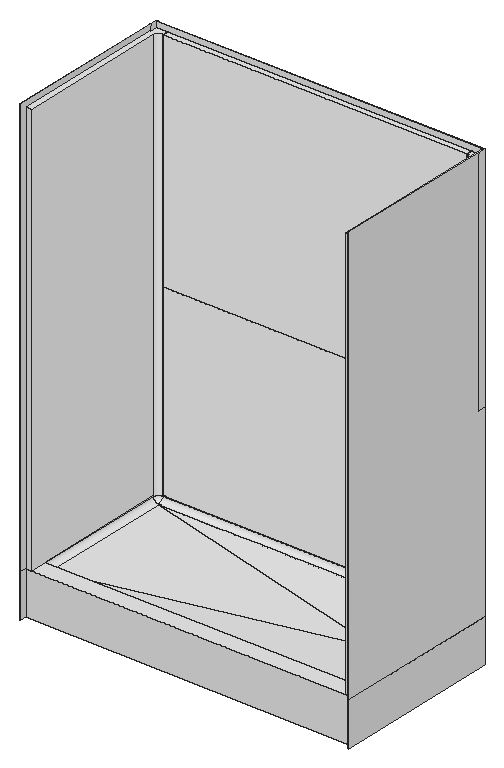
Revit family "5LRS6030FBAFR", category Plumbing Fixtures, Revit 2017
Family settings
  Round Connector Dimension = Use Diameter
  Part Type = Normal
  OmniClass Number = 23.45.05.14.17
  OmniClass Title = Showers
  Work Plane-Based = No
  Always vertical = Yes
  Cut with Voids When Loaded = No
  Shared = No
  Room Calculation Point = No
Parameters (values of type "5LRS6030FBAFR")
  Unit Width = 60"
  Unit Height = 84 1/2"
  Unit Depth = 30"
  URL = "http://www.bestbath.com/"
  Type Comments = "Remodeler"
  Model = "5LRS6030FBAFR"
  Material [instance] = Best Bath Gelcoat Fiberglass -  RealTile
  Manufacturer = "Best Bath Systems, Inc."
  Keynote = "22 40 00.B3"
  Description = "Real Tile Finish"
  Assembly Code = "D2010710"
Reference planes (in)
  plane 1 "Back": y = -0.5
  plane 2: z = 0
  plane 3 "Left": x = 0
  plane 4: x = 60
  plane 5: y = -30.5
  plane 6: z = 83.5
  plane 7: z = 6.25
  plane 8: z = 84.5
  plane 9: x = 51.5
  plane 10: y = -1.75
  plane 11: y = -14.5
  plane 12: z = 6
  plane 13: z = 8
  plane 14: z = 42.25
  plane 15: y = -31.5
  plane 16: z = 7
Forms (in)
  Extrusion 1, solid, material "Best Bath Gelcoat Fiberglass - Smooth"
    sketch origin (0, 0, 0) x (1, 0, 0) y (0, 1, 0)
      loop
        line (0, -0.5) -> (0, -30.5) -> (60, -30.5) -> (60, -0.5) -> (0, -0.5)
      loop
        circle (51.5, -14.5) r 1.5
    from 7 to 0
  Extrusion 2, solid, material "Best Bath Gelcoat Fiberglass - Smooth"
    sketch origin (0, 0, 0) x (1, 0, 0) y (0, 1, 0)
      loop
        line (2.25, -0.5) -> (2.25, -1.75) -> (57.75, -1.75) -> (57.75, -0.5) -> (2.25, -0.5)
    from 8 to 42.25
  Extrusion 3, solid, material "Best Bath Gelcoat Fiberglass - Smooth"
    sketch origin (0, 0, 0) x (1, 0, 0) y (0, 1, 0)
      loop
        line (0, -30.5) -> (1.25, -30.5) -> (1.25, -2.75)
        arc (1.25, -2.75) -> (1.54289, -2.04289) -> (2.25, -1.75) r 1
        line (2.25, -1.75) -> (57.75, -1.75)
        arc (57.75, -1.75) -> (58.45711, -2.04289) -> (58.75, -2.75) r 1
        line (58.75, -2.75) -> (58.75, -30.5) -> (60, -30.5) -> (60, -0.5) -> (0, -0.5) -> (0, -30.5)
    from 0 to 8
  Extrusion 4, solid, material "Best Bath Gelcoat Fiberglass - Smooth"
    sketch origin (0, 0, 0) x (1, 0, 0) y (0, 1, 0)
      loop
        line (0, -30.5) -> (1.25, -30.5) -> (1.25, -2.75)
        arc (1.25, -2.75) -> (1.54289, -2.04289) -> (2.25, -1.75) r 1
        line (2.25, -1.75) -> (2.25, -0.5) -> (0, -0.5) -> (0, -30.5)
      loop
        line (58.75, -30.5) -> (60, -30.5) -> (60, -0.5) -> (57.75, -0.5) -> (57.75, -1.75)
        arc (57.75, -1.75) -> (58.45711, -2.04289) -> (58.75, -2.75) r 1
        line (58.75, -2.75) -> (58.75, -30.5)
    from 8 to 83.5
  Blend 5, void
    base sketch origin (0, 0, 0) x (1, 0, 0) y (0, 1, 0)
      loop
        line (2.25, -27.5) -> (57.75, -27.5) -> (57.75, -2.75) -> (2.25, -2.75) -> (2.25, -27.5)
    top sketch origin (0, 0, 0) x (1, 0, 0) y (0, 1, 0)
      loop
        circle (51.5, -14.5) r 0.07155
    from 7 to 6
  Extrusion 6, solid, material "Best Bath Gelcoat Fiberglass - Smooth"
    sketch origin (0, 0, 0) x (1, 0, 0) y (0, 1, 0)
      loop
        line (2.25, -0.5) -> (2.25, -1.75) -> (57.75, -1.75) -> (57.75, -0.5) -> (2.25, -0.5)
    from 42.25 to 83.5
  Sweep 7, solid, material "Best Bath Gelcoat Fiberglass - Smooth"
    path origin (0, 0, 0) x (1, 0, 0) y (0, 1, 0)
      loop
        line (1.25, -30.5) -> (58.75, -30.5)
    profile origin (30, -30.5, 0) x (0, 1, 0) y (0, 0, 1)
      loop
        line (0, 0) -> (4.58515, 0) -> (2.98515, 8) -> (0, 8) -> (0, 0)
  Extrusion 8, solid, material "Best Bath Gelcoat Fiberglass - Smooth"
    sketch origin (0, 0, 0) x (1, 0, 0) y (0, 1, 0)
      loop
        line (0, -30.5) -> (0, -31.5) -> (0.125, -31.5) -> (0.125, -30.5) -> (0, -30.5)
      loop
        line (60, -30.5) -> (59.875, -30.5) -> (59.875, -31.5) -> (60, -31.5) -> (60, -30.5)
    from 0 to 8
  Extrusion 9, solid, material "Best Bath Gelcoat Fiberglass - Smooth"
    sketch origin (0, 0, 0) x (1, 0, 0) y (0, 1, 0)
      loop
        line (0, -0.5) -> (0, -1.75) -> (0.125, -1.75) -> (0.125, -0.625) -> (59.875, -0.625) -> (59.875, -1.75) -> (60, -1.75) -> (60, -0.5) -> (0, -0.5)
    from 42.25 to 84.5
  Extrusion 10, solid, material "Best Bath Gelcoat Fiberglass - Smooth"
    sketch origin (0, 0, 0) x (1, 0, 0) y (0, 1, 0)
      loop
        line (0, -31.5) -> (0.125, -31.5) -> (0.125, -1.75) -> (0, -1.75) -> (0, -31.5)
      loop
        line (60, -31.5) -> (60, -1.75) -> (59.875, -1.75) -> (59.875, -31.5) -> (60, -31.5)
    from 8 to 84.5
  Sweep 11, solid, material "Best Bath Gelcoat Fiberglass - Smooth"
    path origin (0, 0, 0) x (1, 0, 0) y (0, 1, 0)
      loop
        line (1.25, -28.95) -> (1.25, -2.75)
        arc (1.25, -2.75) -> (1.54289, -2.04289) -> (2.25, -1.75) r 1
        line (2.25, -1.75) -> (57.75, -1.75)
        arc (57.75, -1.75) -> (58.45711, -2.04289) -> (58.75, -2.75) r 1
        line (58.75, -2.75) -> (58.75, -28.95)
    profile origin (30, -1.75, 0) x (0, 1, 0) y (0, 0, 1)
      loop
        line (0, 7) -> (0, 7.98)
        arc (0, 7.98) -> (-0.28704, 7.28704) -> (-0.98, 7) r 0.98
        line (-0.98, 7) -> (0, 7)
Cuts and joins
  Blend 5 cuts Extrusion 1
  Blend 5 cuts Extrusion 3
  joined: Extrusion 1, Extrusion 3, Sweep 7, Extrusion 8, Sweep 11
  joined: Extrusion 6, Extrusion 9
  joined: Extrusion 4, Extrusion 10
Dimensions and locks (in)
  "Unit Width": plane 3 "Left" to plane 4
  locked: plane 8 to plane 6 at 1
  "Unit Height": plane 8 to level
  plane 3 "Left" to plane 9 to plane 4 = 51 1/2", 8 1/2"
  plane 1 "Back" to plane 11 = 14"
  plane 10 to plane 1 "Back" = 1 1/4"
  plane 14 to plane 13 = 34 1/4"
  plane 13 to level = 8"
  locked: plane 5 to plane 15 at 1
  plane 13 to plane 16 = 1"
  plane 16 to plane 7 = 3/4"
  plane 16 to plane 12 = 1"
  "Unit Depth": plane 5 to plane 1 "Back"
  aligned and locked: level to plane 2
  aligned and locked: plane 5 to Extrusion 1 sketch curve
  aligned and locked: plane 4 to Extrusion 1 sketch curve
  aligned and locked: Extrusion 2 sketch curve to Extrusion 1
  aligned and locked: Extrusion 2 sketch curve to plane 10
  aligned and locked: plane 11 to Extrusion 1 sketch curve
  aligned and locked: plane 9 to Extrusion 1 sketch curve
  aligned and locked: plane 6 to Extrusion 4
  aligned and locked: plane 11 to Blend 5 sketch curve
  aligned and locked: plane 9 to Blend 5 sketch curve
  aligned and locked: plane 14 to Extrusion 2
  aligned and locked: Extrusion 6 to Extrusion 2
  aligned and locked: plane 6 to Extrusion 6
  aligned and locked: plane 8 to Extrusion 9
  aligned and locked: plane 8 to Extrusion 10
  aligned and locked: Extrusion 1 to level
  aligned and locked: plane 16 to Extrusion 1
  aligned and locked: Extrusion 1 to Blend 5
  aligned and locked: Sweep 11 sketch curve to plane 10
  aligned and locked: plane 16 to Sweep 11 sketch curve
  aligned and locked: Extrusion 9 to Extrusion 2
  aligned and locked: Extrusion 2 to plane 13
  aligned and locked: Extrusion 4 to Extrusion 2
  aligned and locked: Blend 5 to plane 12
Automatic sketch dimensions
  Extrusion 1 sketch curve to plane 3 "Left" = 0"
  plane 1 "Back" to Extrusion 1 sketch curve = 0"
  plane 3 "Left" to Extrusion 2 sketch curve = 2 1/4"
  plane 4 to Extrusion 2 sketch curve = 2 1/4"
  Extrusion 3 sketch curve to plane 3 "Left" = 0"
  Extrusion 3 sketch curve to plane 5 = 0"  (x2)
  Extrusion 3 sketch curve to plane 10 = 0"
  plane 1 "Back" to Extrusion 3 sketch curve = 0"
  Extrusion 3 sketch curve to plane 4 = 0"
  plane 3 "Left" to Extrusion 3 sketch curve = 1 1/4"
  Extrusion 3 sketch curve to plane 10 = 1"
  plane 4 to Extrusion 3 sketch curve = 2 1/4"
  plane 4 to Extrusion 3 sketch curve = 1 1/4"
  Extrusion 4 sketch curve to plane 3 "Left" = 0"
  Extrusion 4 sketch curve to plane 5 = 0"  (x2)
  plane 1 "Back" to Extrusion 4 sketch curve = 0"  (x2)
  Extrusion 4 sketch curve to plane 10 = 0"  (x2)
  Extrusion 4 sketch curve to plane 4 = 0"
  plane 3 "Left" to Extrusion 4 sketch curve = 1 1/4"
  Extrusion 4 sketch curve to Extrusion 4 sketch curve = 1"
  Extrusion 4 sketch curve to plane 10 = 1"
  plane 4 to Extrusion 4 sketch curve = 2 1/4"
  Blend 5 sketch curve to plane 10 = 1"
  plane 3 "Left" to Blend 5 sketch curve = 2 1/4"
  plane 4 to Blend 5 sketch curve = 2 1/4"
  plane 5 to Blend 5 sketch curve = 3"
  plane 1 "Back" to Extrusion 6 sketch curve = 0"
  Extrusion 6 sketch curve to plane 10 = 0"
  plane 3 "Left" to Extrusion 6 sketch curve = 2 1/4"
  plane 4 to Extrusion 6 sketch curve = 2 1/4"
  Sweep 7 sketch curve to plane 5 = 0"
  plane 3 "Left" to Sweep 7 sketch curve = 1 1/4"
  plane 4 to Sweep 7 sketch curve = 1 1/4"
  Sweep 7 sketch curve to profile plane = 0"  (x2)
  Sweep 7 sketch curve to profile plane = 2.98515"
  Sweep 7 sketch curve to profile plane = 4.58515"
  profile plane to Sweep 7 sketch curve = 8"
  Extrusion 8 sketch curve to plane 3 "Left" = 0"
  Extrusion 8 sketch curve to plane 15 = 0"  (x2)
  Extrusion 8 sketch curve to plane 5 = 0"  (x2)
  Extrusion 8 sketch curve to plane 4 = 0"
  plane 3 "Left" to Extrusion 8 sketch curve = 1/8"
  Extrusion 8 sketch curve to Extrusion 8 sketch curve = 1/8"
  plane 1 "Back" to Extrusion 9 sketch curve = 0"
  Extrusion 9 sketch curve to plane 3 "Left" = 0"
  Extrusion 9 sketch curve to plane 10 = 0"  (x2)
  Extrusion 9 sketch curve to plane 4 = 0"
  Extrusion 9 sketch curve to Extrusion 9 sketch curve = 1/8"
  plane 4 to Extrusion 9 sketch curve = 1/8"
  plane 1 "Back" to Extrusion 9 sketch curve = 1/8"
  Extrusion 10 sketch curve to plane 3 "Left" = 0"
  Extrusion 10 sketch curve to plane 15 = 0"  (x2)
  Extrusion 10 sketch curve to plane 10 = 0"  (x2)
  Extrusion 10 sketch curve to plane 4 = 0"
  plane 3 "Left" to Extrusion 10 sketch curve = 1/8"
  Extrusion 10 sketch curve to Extrusion 10 sketch curve = 1/8"
  Sweep 11 sketch curve to plane 10 = 0"
  plane 3 "Left" to Sweep 11 sketch curve = 1 1/4"
  Sweep 11 sketch curve to plane 10 = 1"  (x2)
  plane 4 to Sweep 11 sketch curve = 2 1/4"
  plane 5 to Sweep 11 sketch curve = 1.55"  (x2)
  Sweep 11 sketch curve to Sweep 11 sketch curve = 0.98"
  radius of Extrusion 1 sketch curve = 1 1/2"
  radius of Blend 5 sketch curve = 0.07155"
